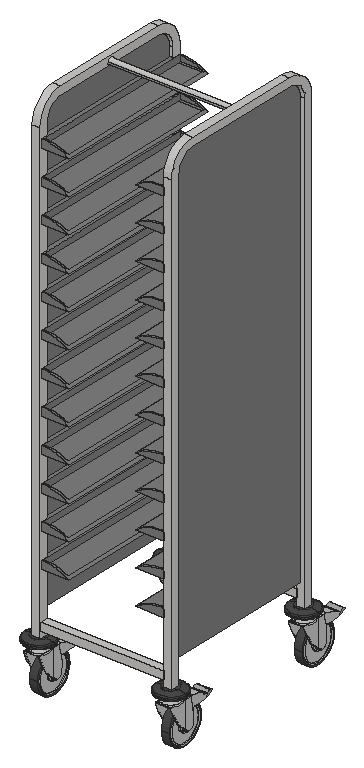
Revit family "QF_BOURGEAT_chariot_cafeteria_12plateaux_modele_demontable_gris", category Equipement spécialisé, Revit 2015
Parameters (values of type "chariot_modele_haut_glissieres_grises_avec_2_panneaux_gris")
  panneaux_lateraux_gris = yes
  URL catalogue = "http://www.bourgeat.fr"
  URL = ""
  Type article = ""
  Spécification du Fabricant = "CHARIOT CAFETERIA"
  Profondeur hors tout = 620 mm
  Poids net à vide = 24.00 kg
  Modèle = "781906"
  Longueur hors tout = 510 mm
  Hauteur hors tout = 1700 mm
  Fabricant = "BOURGEAT"
  Contact SAV = "0033(0)4.76.32.14.44"
  Charge max = 60.00 kg
Types (3, lengths in mm): name | panneaux_lateraux_gris | Poids net à vide | Modèle
  (no name) | yes | 24.00 kg | "781906"
  chariot_modele_haut_glissieres_grises_sans_panneaux | no | 18.00 kg | "781106"
  chariot_modele_haut_glissieres_grises_avec_2_panneaux_gris | yes | 24.00 kg | "781906"
Reference planes
  plane 1 "Centre (avant/arrière)": y = 0
  plane 2: z = 0
  plane 3 "Centre (gauche/droite)": x = 0
  plane 4: z = 227.8
  plane 5: z = 182
  plane 6: z = 202.8
  plane 7: y = 12.5
  plane 8: y = -12.5
  plane 9: x = 219.5
  plane 10: x = -219.5
  plane 11: z = 1570
  plane 12: z = 1462
  plane 13: z = 1354
  plane 14: z = 1246
  plane 15: z = 1138
  plane 16: z = 1030
  plane 17: z = 922
  plane 18: z = 814
  plane 19: z = 706
  plane 20: z = 598
  plane 21: z = 490
  plane 22: z = 382
  plane 23: x = -194.5
  plane 24: z = 1674
Forms (mm)
  Extrusion 1, solid, material "Acier inoxydable, brossé"
    sketch origin (0, 0, 0) x (0, 1, 0) y (0, 0, 1)
      loop
        line (-274, 228) -> (-274, 202.8) -> (-249, 202.8) -> (-249, 228) -> (-274, 228)
      loop
        line (249, 202.8) -> (274, 202.8) -> (274, 228) -> (249, 228) -> (249, 202.8)
    from -194.5 to 194.5
  Extrusion 2, solid, material "Acier inoxydable, brossé"
    sketch origin (0, 0, 0) x (0, 1, 0) y (0, 0, 1)
      loop
        circle (0, 1690.5) r 9
    from -194.5 to 194.5
Dimensions and locks
  plane 4 to plane 6 = 25 mm
  plane 10 to plane 9 = 439 mm
  plane 4 to plane 2 = 227.8 mm
  equal spacing: group 1, group 2, group 3, group 4, group 5, group 6, group 7, group 8, group 9, group 10, group 11, group 12  (x2)
  equal spacing: group 12, group 11, group 10, group 9, group 8, group 7, group 6, group 5, group 4, group 3, group 2, group 1
  aligned and locked: level to plane 2
  aligned and locked: plane 6 to Extrusion 1 sketch curve
  aligned and locked: Extrusion 1 sketch curve to plane 6
  aligned and locked: plane 10 to nested 4
  aligned and locked: plane 9 to nested 5
  aligned and locked: nested 4 to nested 1
  aligned and locked: nested 2 to nested 4
  aligned and locked: nested 3 to nested 5
  aligned and locked: nested 6 to nested 5
  aligned and locked: nested 5 to nested 6
  aligned and locked: Extrusion 1 to nested 5
  aligned and locked: Extrusion 1 to nested 4
  aligned and locked: Extrusion 2 to nested 5
  aligned and locked: Extrusion 2 to nested 4
  aligned and locked: plane 5 to nested 4
  aligned and locked: nested 5 to plane 5
  aligned and locked: plane 11 to nested 7
  aligned and locked: plane 23 to nested 7
  aligned and locked: plane 23 to nested 8
  aligned and locked: nested 4 to plane 23
  aligned and locked: plane 24 to nested 32
  aligned and locked: plane 24 to nested 31
  aligned and locked: nested 32 to nested 19
  aligned and locked: nested 31 to nested 7
Nested families
  nested 1: "ROULETTE_H182" at (-207, 261.5, 0), type "ROULETTE_H182"
    with Sans frein yes, Avec frein yes
  nested 2: "ROULETTE_H182" at (-207, -261.5, 0), type "ROULETTE_H182"
    with Sans frein yes, Avec frein yes
  nested 3: "ROULETTE_H182" at (207, -261.5, 0), type "ROULETTE_H182"
    with Sans frein yes, Avec frein yes
  nested 4: "montant_U_grand_modele" at (-207, 0, 182) x (0, 1, 0) z (0, 0, 1), type "montant_U_grand_modele"
  nested 5: "montant_U_grand_modele" at (207, 0, 182) x (0, 1, 0) z (0, 0, 1), type "montant_U_grand_modele"
  nested 6: "ROULETTE_H182" at (207, 261.5, 0), type "ROULETTE_H182"
    with Sans frein yes, Avec frein yes
  nested 7: "glissiere_polypropylene_gris" at (-204.5, 0, 1565), type "glissiere_polypropylene_gris"
  nested 8: "glissiere_polypropylene_gris" at (-204.5, 0, 1457), type "glissiere_polypropylene_gris"
  nested 9: "glissiere_polypropylene_gris" at (-204.5, 0, 1349), type "glissiere_polypropylene_gris"
  nested 10: "glissiere_polypropylene_gris" at (-204.5, 0, 1241), type "glissiere_polypropylene_gris"
  nested 11: "glissiere_polypropylene_gris" at (-204.5, 0, 1133), type "glissiere_polypropylene_gris"
  nested 12: "glissiere_polypropylene_gris" at (-204.5, 0, 1025), type "glissiere_polypropylene_gris"
  nested 13: "glissiere_polypropylene_gris" at (-204.5, 0, 917), type "glissiere_polypropylene_gris"
  nested 14: "glissiere_polypropylene_gris" at (-204.5, 0, 809), type "glissiere_polypropylene_gris"
  nested 15: "glissiere_polypropylene_gris" at (-204.5, 0, 701), type "glissiere_polypropylene_gris"
  nested 16: "glissiere_polypropylene_gris" at (-204.5, 0, 593), type "glissiere_polypropylene_gris"
  nested 17: "glissiere_polypropylene_gris" at (-204.5, 0, 485), type "glissiere_polypropylene_gris"
  nested 18: "glissiere_polypropylene_gris" at (-204.5, 0, 377), type "glissiere_polypropylene_gris"
  nested 19: "glissiere_polypropylene_gris" at (204.5, 0, 1565) x (-1, 0, 0) z (0, 0, 1), type "glissiere_polypropylene_gris"
  nested 20: "glissiere_polypropylene_gris" at (204.5, 0, 1457) x (-1, 0, 0) z (0, 0, 1), type "glissiere_polypropylene_gris"
  nested 21: "glissiere_polypropylene_gris" at (204.5, 0, 1349) x (-1, 0, 0) z (0, 0, 1), type "glissiere_polypropylene_gris"
  nested 22: "glissiere_polypropylene_gris" at (204.5, 0, 1241) x (-1, 0, 0) z (0, 0, 1), type "glissiere_polypropylene_gris"
  nested 23: "glissiere_polypropylene_gris" at (204.5, 0, 1133) x (-1, 0, 0) z (0, 0, 1), type "glissiere_polypropylene_gris"
  nested 24: "glissiere_polypropylene_gris" at (204.5, 0, 1025) x (-1, 0, 0) z (0, 0, 1), type "glissiere_polypropylene_gris"
  nested 25: "glissiere_polypropylene_gris" at (204.5, 0, 917) x (-1, 0, 0) z (0, 0, 1), type "glissiere_polypropylene_gris"
  nested 26: "glissiere_polypropylene_gris" at (204.5, 0, 809) x (-1, 0, 0) z (0, 0, 1), type "glissiere_polypropylene_gris"
  nested 27: "glissiere_polypropylene_gris" at (204.5, 0, 701) x (-1, 0, 0) z (0, 0, 1), type "glissiere_polypropylene_gris"
  nested 28: "glissiere_polypropylene_gris" at (204.5, 0, 593) x (-1, 0, 0) z (0, 0, 1), type "glissiere_polypropylene_gris"
  nested 29: "glissiere_polypropylene_gris" at (204.5, 0, 485) x (-1, 0, 0) z (0, 0, 1), type "glissiere_polypropylene_gris"
  nested 30: "glissiere_polypropylene_gris" at (204.5, 0, 377) x (-1, 0, 0) z (0, 0, 1), type "glissiere_polypropylene_gris"
  nested 31: "panneaux_lateraux_gris_grand_modele" at (-208.5, 0, 254) x (0, 1, 0) z (0, 0, 1), visible <- "panneaux_lateraux_gris", type "panneaux_lateraux_gris_grand_modele"
  nested 32: "panneaux_lateraux_gris_grand_modele" at (204.5, 0, 254) x (0, 1, 0) z (0, 0, 1), visible <- "panneaux_lateraux_gris", type "panneaux_lateraux_gris_grand_modele"
Definition of nested family "ROULETTE_H182"
  Parameters (values of type "ROULETTE_H182")
    Sans frein [instance] = yes
    Avec frein [instance] = yes
  Reference planes
    plane 1 "Centre (avant/arrière)": y = 0
    plane 2: z = 0
    plane 3 "Centre (gauche/droite)": x = 0
    plane 4: y = 40.851
    plane 5: z = 62.5
  Forms (mm)
    Extrusion 1, solid
      sketch origin (0, 0, 0) x (0, 1, 0) y (0, 0, 1)
        loop
          circle (40.851, 62.5) r 62.5
        loop
          circle (40.851, 62.5) r 57.5
      from -12.5 to 12.5
    Revolve 2, solid
      sketch origin (0, 0, 30.333) x (1, 0, 0) y (0, 0, 1)
        loop
          line (0, 151.667) -> (-25, 151.667) -> (-45.338, 146.217)
          arc (-45.338, 146.217) -> (-46.897, 145.175) -> (-47.5, 143.4) r 2.917
          line (-47.5, 143.4) -> (-47.5, 138.833)
          arc (-47.5, 138.833) -> (-47.012, 137.655) -> (-45.833, 137.167) r 1.667
          line (-45.833, 137.167) -> (-24.607, 137.167) -> (-24, 132.667) -> (0, 132.667) -> (0, 151.667)
        axis (0, 151.667) -> (0, 132.667)
      angle from 0 to 360
    Revolve 3, solid
      sketch origin (0, 0, 0) x (0, 1, 0) y (0, 0, 1)
        loop
          line (0, 163) -> (-20.149, 163) -> (-20.149, 159.41) -> (-21.6, 159.41)
          arc (-21.6, 159.41) -> (-24.448, 158.65) -> (-26.537, 156.572) r 5.712
          line (-26.537, 156.572) -> (-30.146, 147.743) -> (-26.999, 147.062) -> (-26.999, 146.112)
          arc (-26.999, 146.112) -> (-27.23, 145.314) -> (-27.849, 144.761) r 1.5
          arc (-27.849, 144.761) -> (-29.223, 143.633) -> (-29.923, 142) r 3.75
          line (-29.923, 142) -> (0, 142) -> (0, 163)
        axis (0, 163) -> (0, 142)
      angle from 0 to 360
    Extrusion 4, solid
      sketch origin (0, 0, 0) x (0, 1, 0) y (0, 0, -1)
        loop
          line (-29.974, -138.241) -> (-29.974, -142) -> (21.747, -142) -> (21.747, -60.336)
          arc (21.747, -60.336) -> (10.272, -70.702) -> (-0.149, -82.127) r 160.057
          arc (-0.149, -82.127) -> (-17.883, -108.684) -> (-29.974, -138.241) r 159.585
      from -24.913 to -23.038
    Extrusion 5, solid
      sketch origin (0, 0, 0) x (0, 1, 0) y (0, 0, 1)
        loop
          line (-29.974, 142) -> (-29.974, 140.869) -> (21.747, 140.869) -> (21.747, 142) -> (-29.974, 142)
      from -23.038 to 23.038
    Extrusion 6, solid
      sketch origin (0, 0, 0) x (0, 1, 0) y (0, 0, 1)
        loop
          circle (40.851, 62.5) r 57.5
        loop
          circle (40.851, 62.5) r 55
      from -12.5 to 12.5
    Extrusion 7, solid
      sketch origin (0, 0, 0) x (0, 1, 0) y (0, 0, 1)
        loop
          circle (40.851, 62.5) r 55
      from -7 to 7
    Extrusion 8, solid
      sketch origin (0, 0, 0) x (0, 1, 0) y (0, 0, 1)
        loop
          circle (40.851, 62.5) r 21
      from 7 to 15
    Extrusion 9, solid
      sketch origin (0, 0, 0) x (0, 1, 0) y (0, 0, -1)
        loop
          circle (40.851, -62.5) r 16
      from -23.038 to -15
    Extrusion 10, solid, visible <- "Sans frein"
      sketch origin (0, 0, 0) x (0, 1, 0) y (0, 0, 1)
        loop
          arc (21.747, 60.336) -> (23.188, 59.17) -> (24.642, 58.02) r 161.23
          arc (24.642, 58.02) -> (29.34, 54.513) -> (34.187, 51.216) r 133.333
          arc (34.187, 51.216) -> (46.517, 50.3) -> (53.927, 60.198) r 12.867
          arc (53.927, 60.198) -> (54.714, 99.183) -> (46.119, 137.216) r 161.222
          arc (46.119, 137.216) -> (45.679, 138.887) -> (45.531, 140.609) r 10.076
          line (45.531, 140.609) -> (45.531, 142) -> (21.747, 142) -> (21.747, 60.336)
      from 23.038 to 24.913
    Extrusion 11, solid, visible <- "Sans frein"
      sketch origin (0, 0, 0) x (0, 1, 0) y (0, 0, 1)
        loop
          line (21.747, 142) -> (21.747, 140.701) -> (48.851, 140.701) -> (48.851, 142) -> (21.747, 142)
      from -23.038 to 23.038
    Extrusion 12, solid, visible <- "Avec frein"
      sketch origin (0, 0, 0) x (0, 1, 0) y (0, 0, 1)
        loop
          line (21.747, 142) -> (21.747, 60.336)
          arc (21.747, 60.336) -> (23.177, 59.179) -> (24.62, 58.038) r 160.008
          arc (24.62, 58.038) -> (29.041, 54.705) -> (33.574, 51.527) r 160
          arc (33.574, 51.527) -> (46.135, 50.422) -> (53.724, 60.491) r 13
          arc (53.724, 60.491) -> (55.279, 82.092) -> (53.902, 103.704) r 160
          arc (53.902, 103.704) -> (55.53, 108.653) -> (60.415, 110.463) r 6
          arc (60.415, 110.463) -> (80.625, 109.924) -> (100.725, 112.107) r 150
          arc (100.725, 112.107) -> (104.408, 113.406) -> (107.479, 115.819) r 12
          line (107.479, 115.819) -> (110.851, 121.523)
          arc (110.851, 121.523) -> (85.913, 134.651) -> (58.706, 142) r 127.902
          line (58.706, 142) -> (21.747, 142)
      from 23.038 to 24.913
    Extrusion 13, solid, visible <- "Avec frein"
      sketch origin (0, 0, 0) x (0, 1, 0) y (0, 0, 1)
        loop
          line (58.706, 142) -> (21.747, 142) -> (21.747, 140) -> (58.552, 140)
          arc (58.552, 140) -> (85.253, 132.762) -> (109.73, 119.866) r 125.902
          line (109.73, 119.866) -> (110.851, 121.523)
          arc (110.851, 121.523) -> (85.913, 134.651) -> (58.706, 142) r 127.902
      from -23.038 to 23.038
    Extrusion 14, solid, visible <- "Avec frein"
      sketch origin (0, 19.896, 18.175) x (0, 1, 0) y (0, 0, 1)
        loop
          line (87.583, 97.644) -> (91.829, 95.227)
          arc (91.829, 95.227) -> (93.8, 95.006) -> (95.312, 96.29) r 2.5
          arc (95.312, 96.29) -> (103.495, 100.002) -> (111.176, 104.666) r 74.999
          line (111.176, 104.666) -> (110.852, 105.929)
          arc (110.852, 105.929) -> (110.04, 107.086) -> (108.666, 107.417) r 2
          arc (108.666, 107.417) -> (101.396, 105.849) -> (94.512, 103.034) r 42.354
          line (94.512, 103.034) -> (93.479, 101.228) -> (93.285, 100.414) -> (91.69, 101.675) -> (90.401, 102.412) -> (87.583, 97.644)
      from -23.038 to 23.038
    Extrusion 15, solid, not visible
      sketch origin (0, 0, 0) x (0, 1, 0) y (0, 0, -1)
        loop
          line (-29.974, -138.241) -> (-29.974, -142) -> (21.747, -142) -> (21.747, -60.336)
          arc (21.747, -60.336) -> (10.272, -70.702) -> (-0.149, -82.127) r 160.057
          arc (-0.149, -82.127) -> (-17.883, -108.684) -> (-29.974, -138.241) r 159.585
      from -24.913 to -23.038
    Extrusion 16, solid, not visible
      sketch origin (0, 0, 0) x (0, 1, 0) y (0, 0, 1)
        loop
          circle (40.851, 62.5) r 21
      from 7 to 15
    Extrusion 17, solid, not visible
      sketch origin (0, 0, 0) x (0, 1, 0) y (0, 0, -1)
        loop
          circle (40.851, -62.5) r 16
      from -23.038 to -15
    Extrusion 18, solid, visible <- "Sans frein", not visible
      sketch origin (0, 0, 0) x (0, 1, 0) y (0, 0, 1)
        loop
          arc (21.747, 60.336) -> (23.188, 59.17) -> (24.642, 58.02) r 161.23
          arc (24.642, 58.02) -> (29.34, 54.513) -> (34.187, 51.216) r 133.333
          arc (34.187, 51.216) -> (46.517, 50.3) -> (53.927, 60.198) r 12.867
          arc (53.927, 60.198) -> (54.714, 99.183) -> (46.119, 137.216) r 161.222
          arc (46.119, 137.216) -> (45.679, 138.887) -> (45.531, 140.609) r 10.076
          line (45.531, 140.609) -> (45.531, 142) -> (21.747, 142) -> (21.747, 60.336)
      from 23.038 to 24.913
    Extrusion 19, solid, visible <- "Avec frein", not visible
      sketch origin (0, 0, 0) x (0, 1, 0) y (0, 0, 1)
        loop
          line (21.747, 142) -> (21.747, 60.336)
          arc (21.747, 60.336) -> (23.177, 59.179) -> (24.62, 58.038) r 160.008
          arc (24.62, 58.038) -> (29.041, 54.705) -> (33.574, 51.527) r 160
          arc (33.574, 51.527) -> (46.135, 50.422) -> (53.724, 60.491) r 13
          arc (53.724, 60.491) -> (55.279, 82.092) -> (53.902, 103.704) r 160
          arc (53.902, 103.704) -> (55.53, 108.653) -> (60.415, 110.463) r 6
          arc (60.415, 110.463) -> (80.625, 109.924) -> (100.725, 112.107) r 150
          arc (100.725, 112.107) -> (104.408, 113.406) -> (107.479, 115.819) r 12
          line (107.479, 115.819) -> (110.851, 121.523)
          arc (110.851, 121.523) -> (85.913, 134.651) -> (58.706, 142) r 127.902
          line (58.706, 142) -> (21.747, 142)
      from 23.038 to 24.913
    Extrusion 20, solid
      sketch origin (0, 0, 0) x (0, -1, 0) y (0, 0, -1)
        loop
          arc (29.974, -138.241) -> (17.883, -108.684) -> (0.149, -82.127) r 159.585
          arc (0.149, -82.127) -> (-10.272, -70.702) -> (-21.747, -60.336) r 160.057
          line (-21.747, -60.336) -> (-21.747, -142) -> (29.974, -142) -> (29.974, -138.241)
      from -24.913 to -23.038
    Extrusion 21, solid
      sketch origin (0, 0, 0) x (0, -1, 0) y (0, 0, 1)
        loop
          circle (-40.851, 62.5) r 21
      from 7 to 15
    Extrusion 22, solid
      sketch origin (0, 0, 0) x (0, -1, 0) y (0, 0, -1)
        loop
          circle (-40.851, -62.5) r 16
      from -23.038 to -15
    Extrusion 23, solid, visible <- "Sans frein"
      sketch origin (0, 0, 0) x (0, -1, 0) y (0, 0, 1)
        loop
          line (-21.747, 60.336) -> (-21.747, 142) -> (-45.531, 142) -> (-45.531, 140.609)
          arc (-45.531, 140.609) -> (-45.679, 138.887) -> (-46.119, 137.216) r 10.076
          arc (-46.119, 137.216) -> (-54.714, 99.183) -> (-53.927, 60.198) r 161.222
          arc (-53.927, 60.198) -> (-46.517, 50.3) -> (-34.187, 51.216) r 12.867
          arc (-34.187, 51.216) -> (-29.34, 54.513) -> (-24.642, 58.02) r 133.333
          arc (-24.642, 58.02) -> (-23.188, 59.17) -> (-21.747, 60.336) r 161.23
      from 23.038 to 24.913
    Extrusion 24, solid, visible <- "Avec frein"
      sketch origin (0, 0, 0) x (0, -1, 0) y (0, 0, 1)
        loop
          line (-21.747, 142) -> (-58.706, 142)
          arc (-58.706, 142) -> (-85.913, 134.651) -> (-110.851, 121.523) r 127.902
          line (-110.851, 121.523) -> (-107.479, 115.819)
          arc (-107.479, 115.819) -> (-104.408, 113.406) -> (-100.725, 112.107) r 12
          arc (-100.725, 112.107) -> (-80.625, 109.924) -> (-60.415, 110.463) r 150
          arc (-60.415, 110.463) -> (-55.53, 108.653) -> (-53.902, 103.704) r 6
          arc (-53.902, 103.704) -> (-55.279, 82.092) -> (-53.724, 60.491) r 160
          arc (-53.724, 60.491) -> (-46.135, 50.422) -> (-33.574, 51.527) r 13
          arc (-33.574, 51.527) -> (-29.041, 54.705) -> (-24.62, 58.038) r 160
          arc (-24.62, 58.038) -> (-23.177, 59.179) -> (-21.747, 60.336) r 160.008
          line (-21.747, 60.336) -> (-21.747, 142)
      from 23.038 to 24.913
  Dimensions and locks
    aligned and locked: level to plane 2
Definition of nested family "montant_U_grand_modele"
  Reference planes
    plane 1 "Centre (avant/arrière)": y = 0
    plane 2: z = 0
    plane 3 "Centre (gauche/droite)": x = 0
    plane 4: x = -261.5
    plane 5: x = 261.5
    plane 6: z = 1508.5
  Forms (mm)
    Sweep 1, solid
      path origin (0, 0, 0) x (1, 0, 0) y (0, 0, 1)
        loop
          line (-261.5, 0) -> (-261.5, 1438.5)
          arc (-261.5, 1438.5) -> (-240.997, 1487.997) -> (-191.5, 1508.5) r 70
          line (-191.5, 1508.5) -> (191.5, 1508.5)
          arc (191.5, 1508.5) -> (240.997, 1487.997) -> (261.5, 1438.5) r 70
          line (261.5, 1438.5) -> (261.5, 0)
      profile origin (-261.5, 0, 719.25) x (-1, 0, 0) y (0, -1, 0)
        loop
          line (-12.5, -12.5) -> (12.5, -12.5) -> (12.5, 12.5) -> (-12.5, 12.5) -> (-12.5, -12.5)
  Dimensions and locks
    equal spacing: plane 4, plane 3 "Centre (gauche/droite)", plane 5
    plane 6 to plane 2 = 1508.5 mm
    Sweep 1 to Sweep 1 = 548 mm
    aligned and locked: level to plane 2
    aligned and locked: Sweep 1 sketch curve to plane 4
    aligned and locked: Sweep 1 sketch curve to plane 6
    aligned and locked: Sweep 1 sketch curve to plane 5
  Automatic sketch dimensions
    Sweep 1 sketch curve to level = 0 mm  (x2)
    Sweep 1 sketch curve to plane 4 = 70 mm
    Sweep 1 sketch curve to Sweep 1 sketch curve = 70 mm
    Sweep 1 sketch curve to plane 1 "Centre (avant/arrière)" = 12.5 mm
    plane 1 "Centre (avant/arrière)" to Sweep 1 sketch curve = 12.5 mm
    profile plane to Sweep 1 sketch curve = 12.5 mm
    Sweep 1 sketch curve to profile plane = 12.5 mm
Definition of nested family "glissiere_polypropylene_gris"
  Reference planes
    plane 1 "Centre (avant/arrière)": y = 0
    plane 2: z = 0
    plane 3 "Centre (gauche/droite)": x = 0
    plane 4: z = 25
    plane 5: x = 100
    plane 6: x = 22
    plane 7: y = 272.5
    plane 8: y = -272.5
    plane 9: x = 15
    plane 10: y = -267.5
    plane 11: z = 5
    plane 12: y = 267.5
    plane 13: y = 247.7
    plane 14: y = -247.7
    plane 15: x = 10
  Forms (mm)
    Extrusion 1, solid
      sketch origin (0, 0, 0) x (1, 0, 0) y (0, 0, 1)
        loop
          line (0, 25) -> (0, 0) -> (100, 0)
          arc (100, 0) -> (62.954, 18.597) -> (22, 25) r 134.18
          line (22, 25) -> (0, 25)
      from -272.5 to 272.5
    Extrusion 2, void
      sketch origin (0, 0, 0) x (0, 1, 0) y (0, 0, 1)
        loop
          line (-264, 5) -> (264, 5)
          arc (264, 5) -> (266.475, 6.025) -> (267.5, 8.5) r 3.5
          line (267.5, 8.5) -> (267.5, 43.902) -> (-267.5, 43.902) -> (-267.5, 8.5)
          arc (-267.5, 8.5) -> (-266.475, 6.025) -> (-264, 5) r 3.5
      from 15 to 250
    Extrusion 3, void
      sketch origin (0, 0, 0) x (1, 0, 0) y (0, 1, 0)
        loop
          line (10, 247.7) -> (10, 289.852) -> (-26.988, 289.852) -> (-26.988, 247.7) -> (10, 247.7)
        loop
          line (10, -247.7) -> (-17.716, -247.7) -> (-17.716, -285.125) -> (10, -285.125) -> (10, -247.7)
      from -29.595 to 250
  Cuts and joins
    Extrusion 2, Extrusion 3 cuts Extrusion 1
  Dimensions and locks
    aligned and locked: level to plane 2
    aligned and locked: Extrusion 1 sketch curve to plane 3 "Centre (gauche/droite)"
    aligned and locked: Extrusion 1 sketch curve to plane 2
    aligned and locked: Extrusion 1 sketch curve to plane 4
    aligned and locked: plane 7 to Extrusion 1
    aligned and locked: plane 8 to Extrusion 1
    aligned and locked: Extrusion 2 sketch curve to plane 11
    aligned and locked: Extrusion 2 sketch curve to plane 10
    aligned and locked: plane 12 to Extrusion 2 sketch curve
    aligned and locked: Extrusion 2 to plane 9
    aligned and locked: plane 13 to Extrusion 3 sketch curve
    aligned and locked: plane 15 to Extrusion 3 sketch curve
    aligned and locked: plane 14 to Extrusion 3 sketch curve
    aligned and locked: Extrusion 3 sketch curve to plane 15
Definition of nested family "panneaux_lateraux_gris_grand_modele"
  Reference planes
    plane 1 "Centre (avant/arrière)": y = 0
    plane 2: z = 0
    plane 3 "Centre (gauche/droite)": x = 0
    plane 4: x = -244
    plane 5: x = 244
    plane 6: z = 1420
    plane 7: y = -4
  Forms (mm)
    Extrusion 1, solid
      sketch origin (0, 0, 0) x (1, 0, 0) y (0, 0, 1)
        loop
          arc (-191.5, 1420) -> (-228.623, 1404.623) -> (-244, 1367.5) r 52.5
          line (-244, 1367.5) -> (-244, 0) -> (244, 0) -> (244, 1367.5)
          arc (244, 1367.5) -> (228.623, 1404.623) -> (191.5, 1420) r 52.5
          line (191.5, 1420) -> (-191.5, 1420)
      from 0 to 4
  Dimensions and locks
    plane 6 to plane 2 = 1420 mm
    plane 4 to plane 3 "Centre (gauche/droite)" = 244 mm
    plane 5 to plane 3 "Centre (gauche/droite)" = 244 mm
    aligned and locked: level to plane 2
    aligned and locked: Extrusion 1 sketch curve to plane 6
    aligned and locked: Extrusion 1 sketch curve to plane 4
    aligned and locked: plane 2 to Extrusion 1 sketch curve
    aligned and locked: Extrusion 1 sketch curve to plane 5
    aligned and locked: Extrusion 1 to plane 7
